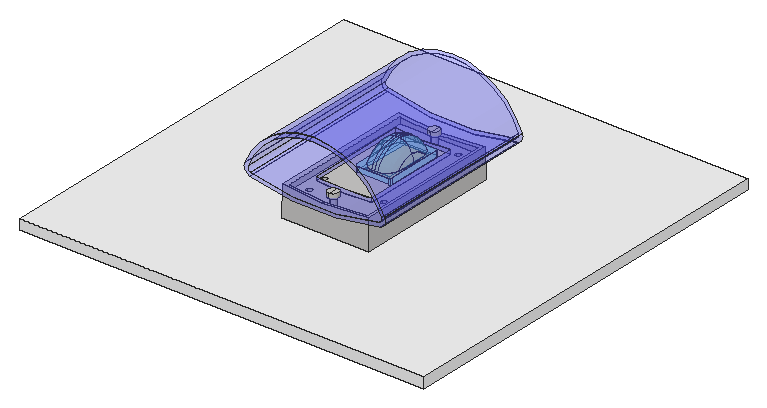
Revit family "BE_50065.2_de_DE", category Leuchten, Revit 2015
Parameters (values of type "BEGA_50065.2_K3")
  built-in parameter 1150104 = 8.3613 (stored number, unit not read)
  Wattage = 12 W
  Default Elevation = 0 mm
  built-in parameter 1150113 = 1 (stored number, unit not read)
  built-in parameter 1114218 = 1 (stored number, unit not read)
  Umgebungstemperatur = "25 °C"
  URL = "http://www.bega.de/produkt/50065.2"
  Typenkommentare = "© 2017 BEGA. Wir behalten uns das Recht vor, technische Änderungen ohne vorherige Ankündigung vorzunehmen."  # constant formula
  built-in parameter 1150134 = (empty or 0)
  built-in parameter 1150109 = 1 (stored number, unit not read)
  Strom = ""
  built-in parameter 1150110 = 1 (stored number, unit not read)
  Spannung = 230 V
  Sonderanfertigung = no
  Seriennummer [instance] = "Hier können Sie die eindeutige Seriennummer für das Facility Management eintragen."
  Schutzklasse = "I"
  Schutzart = "IP 20"
  Scheinlast = 0 VA
  Produktdatenblatt = "http://www.bega.de/download/Xrfa/db/50065.2.db.de.pdf"
  Oberflächentemperatur = ""
  Neigungswinkel = 0.00°
  Modell = "50065.2"
  Material_17 = BEGA_Reflektor
  Material_15 = BEGA_Leuchtmedium_matt
  Material_12 = BEGA_Kunststoff_klar
  Material_11 = BEGA_Glas_opal
  Material_09 = BEGA_Glas_klar
  Material_06 = BEGA_Oberfläche_Edelstahl_gebürstet
  Material_05 = BEGA_Oberfläche_Aluminium Guss
  Material_03 = BEGA_Oberfläche_Weiss_matt
  Material_02 = BEGA_Oberfläche_Silber_matt
  Material_01 [instance] = BEGA_Oberfläche_Grafit_matt
  M_W = no
  M_G = no
  M_A = no
  Logo = 0
  built-in parameter 1114217 = 1 (stored number, unit not read)
  built-in parameter 1150139 = (empty or 0)
  built-in parameter 1150105 = 85.944 (stored number, unit not read)
  built-in parameter 1150114 = 1 (stored number, unit not read)
  Lumens = 1080 lm
  built-in parameter 1150115 = 1 (stored number, unit not read)
  Leuchtenlichtstrom = "876 lm"
  Leuchtenanzahl = ""
  Lebensdauerkriterien = "L70B50 @ 25 °C =  h"
  Lastklassifizierung = Beleuchtung
  built-in parameter 1150112 = 1 (stored number, unit not read)
  Lampenlichtstrom = "1080 lm"
  Lampe = "LED 12 W"
  LED_Modulbezeichnung = "LED-0607/830 "
  Hersteller = "BEGA"  # constant formula
  Halbstreuwinkel = ""
  Gewicht = "0.8 kg"
  Gebrauchslageneinschränkung [instance] = ""
  Frequenz = "50/60 Hz"
  Farbwiedergabeindex = "Ra > 80"
  Farbtemperaturverschiebung bei Dämpfen der Lampe = <Keine Auswahl>
  Farbtemperatur = "3000 K"
  Color Filter = 16777215
  built-in parameter 1150133 = 10 (stored number, unit not read)
  Energieeffizienzklasse = "LED A++ - A"
  built-in parameter 1150137 = (empty or 0)
  built-in parameter 1150132 = (empty or 0)
  ENEC = ""
  Dimmbar [instance] = ""
  Datei für fotometrisches Netz = "BE_50065.IES"
  CE_Konformität = "ja"
  Bestellnummer = "50065.2"
  Beschreibung_Sonderanfertigung = "Hier können Sie Informationen zur Sonderanfertigung eintragen."
  Beschreibung = "Wandleuchte"
  built-in parameter 1150106 = 0.85944 (stored number, unit not read)
  Befestigungsbohrung = "Ø 5 mm"
  Befestigungsabstand = "115 x 55 mm"
  Ballwurfsicher = ""
  BEGA_Intern_aus = yes
  BEGA_Intern_an = yes
  BEGA_Intern_Konstruktion = yes
  BEGA_Intern = yes
  BEGA_IES = yes
  BEGA_Dummy = no
  Anschlussleitung = ""
  Anschlussleistung [instance] = "12 W"
  Anschlusskasten = ""
  built-in parameter 1150107 = 3000 (stored number, unit not read)
  built-in parameter 1150102 = (empty or 0)
  built-in parameter 1150138 = (empty or 0)
  Aktualisierung = "2017-09-29T04:10:01"
  Abstand_zur_angestrahlten_Fläche [instance] = ""
  AC/DC = "AC"
Reference planes
  plane 1 "Mitte (Vorne/Hinten)": y = 0
  plane 2: z = 0
  plane 3 "Mitte (Links/Rechts)": x = 0
  plane 4 "Links": x = -70.001
  plane 5 "Rechts": x = 70.001
  plane 6 "Unten": y = -85
  plane 7 "Oben": y = 85
  plane 8 "Vorne": z = 91.192
  plane 9 "Hinten": z = 0
Forms (mm)
  Extrusion 1, solid, material "BEGA_Platte_Weiss"
    sketch origin (0, -1119.2, 0) x (1, 0, 0) y (0, 1, 0)
      loop
        line (-200, 1319.2) -> (-200, 919.2) -> (200, 919.2) -> (200, 1319.2) -> (-200, 1319.2)
    from 0 to -10
  Extrusion 2, solid, material "BEGA_Dummy_matt", visible <- "BEGA_Dummy"
    sketch origin (80.095, -76.023, 0) x (1, 0, 0) y (0, 1, 0)
      loop
        line (-150.096, 161.023) -> (-150.096, -8.977) -> (-10.095, -8.977) -> (-10.095, 161.023) -> (-150.096, 161.023)
    from 0 to 91.192
Dimensions and locks
  plane 1 "Mitte (Vorne/Hinten)" to Extrusion 1 = 200 mm
  aligned and locked: plane 2 to Extrusion 1
  aligned and locked: level to Extrusion 1
Nested families
  nested 1: "BE_50065.2" at (0, 0, 0), type "BE_50065.2"
Connectors
  electrical at (0, 0, 0), driven by "Lastklassifizierung", driven by "Spannung", driven by "Scheinlast"
    settings: index 1, voltage 230 V, apparent load 0 VA, apparent load phase1 0 VA, apparent load phase2 0 VA, apparent load phase3 0 VA, power factor 1, load classification "Beleuchtung", number of poles 1, system type 31, power factor state 1, is connector primary yes, connector utility no, sub classification motor no, connector description ""
Definition of nested family "BE_50065.2"
  Parameters (values of type "BE_50065.2")
    Default Elevation = 1 mm
    URL = "http://www.bega.de/de/produkt"
    Type Comments = "© 2015 BEGA. Wir behalten uns das Recht vor, technische Änderungen ohne vorherige Ankündigung vorzunehmen. "  # constant formula
    Type Image = (empty or 0)
    Neigungswinkel_um_Z2 = 0.00°
    Neigungswinkel_um_Z1 = 0.00°
    Neigungswinkel_um_Y2 = 0.00°
    Neigungswinkel_um_Y1 = 0.00°
    Neigungswinkel_um_X2 = 0.00°
    Neigungswinkel_um_X1 = 0.00°
    Material_17 = none
    Material_15 = none
    Material_12 = none
    Material_11 = none
    Material_09 = none
    Material_06 = none
    Material_05 = none
    Material_03 = none
    Material_02 = none
    Material_01 = none
    M_W = yes
    M_G = yes
    M_A = yes
    Länge_Platte = 200 mm  # constant formula
    Höhe_Platte = -10 mm  # constant formula
    Manufacturer = "BEGA"  # constant formula
    Drehwinkel_um_Z2 = 0.00°
    Drehwinkel_um_Z1 = 0.00°
    Breite_Platte = 300 mm  # constant formula
  Reference planes
    plane 1 "Mitte (Oben/Unten)": y = 0
    plane 2: z = 0
    plane 3 "Mitte (Links/Rechts)": x = 0
    plane 4: x = -70.001
    plane 5: z = 91.192
    plane 6: x = 70.001
    plane 7: y = -85
    plane 8: y = 85
  Forms (mm)
    Extrusion 1, solid, detail levels medium
      sketch origin (0, 0, 0) x (1, 0, 0) y (0, 1, 0)
        loop
          line (-100, 150) -> (-100, -150) -> (100, -150) -> (100, 150) -> (-100, 150)
      from 0 to -10 <- "Höhe_Platte"
    Sweep 2, solid, material <- "Material_06", detail levels medium+fine
      path origin (0, 0, 0) x (1, 0, 0) y (0, 1, 0)
        loop
          line (-43, 72.5) -> (-43, -72.5) -> (43, -72.5) -> (43, 72.5) -> (-43, 72.5)
      profile origin (-43, 0, 0) x (1, 0, 0) y (0, 0, 1)
        loop
          line (0, 0) -> (3, 0) -> (3.49, 14.036)
          arc (3.49, 14.036) -> (3.795, 14.72) -> (4.49, 15) r 1
          line (4.49, 15) -> (41.372, 15) -> (41.372, 23) -> (4.066, 23) -> (3.834, 29.636) -> (0.517, 29.636) -> (0, 0)
    Extrusion 3, void
      sketch origin (0, 0, 0) x (1, 0, 0) y (0, 1, 0)
        loop
          circle (27.5, 57.5) r 2.605
        loop
          circle (-27.5, -57.5) r 2.605
        loop
          circle (29.5, -36.5) r 2.518
        loop
          circle (-29.5, -36.5) r 2.518
      from -0.512 to 23.779
    Extrusion 4, solid, material <- "Material_06", detail levels medium+fine
      sketch origin (0, 0, 0) x (1, 0, 0) y (0, 0, 1)
        loop
          line (-2.307, 23) -> (-2.307, 15) -> (3.665, 15) -> (3.665, 23) -> (-2.307, 23)
      from -31.128 to 31.128
    Revolve 5, solid, material <- "Material_06", detail levels medium+fine
      sketch origin (0, -57.5, 0) x (1, 0, 0) y (0, 0, 1)
        loop
          line (-35.973, 14.036) -> (-35.567, 2.43)
          arc (-35.567, 2.43) -> (-34.958, 1.061) -> (-33.569, 0.5) r 2
          line (-33.569, 0.5) -> (-27.5, 0.5) -> (-27.5, 15) -> (-36.972, 15)
          arc (-36.972, 15) -> (-36.278, 14.72) -> (-35.973, 14.036) r 1
        axis (-27.5, 15) -> (-27.5, 0.5)
      angle from 0 to 360
    Revolve 6, solid, material <- "Material_06", detail levels medium+fine
      sketch origin (55, 57.5, 0) x (1, 0, 0) y (0, 0, 1)
        loop
          line (-35.973, 14.036) -> (-35.567, 2.43)
          arc (-35.567, 2.43) -> (-34.958, 1.061) -> (-33.569, 0.5) r 2
          line (-33.569, 0.5) -> (-27.5, 0.5) -> (-27.5, 15) -> (-36.972, 15)
          arc (-36.972, 15) -> (-36.278, 14.72) -> (-35.973, 14.036) r 1
        axis (-27.5, 15) -> (-27.5, 0.5)
      angle from 0 to 360
    Extrusion 7, void
      sketch origin (0, 0, 0) x (1, 0, 0) y (0, 0, 1)
        loop
          arc (-4.714, 26.037) -> (30.154, 27.818) -> (64.433, 34.438) r 250
          line (64.433, 34.438) -> (-64.433, 34.438)
          arc (-64.433, 34.438) -> (-34.828, 28.43) -> (-4.714, 26.037) r 250
      from -73.108 to 73.987
    Revolve 8, solid, material <- "Material_12", detail levels medium+fine
      sketch origin (0, 16.717, 0) x (1, 0, 0) y (0, 0, 1)
        loop
          arc (-2.803, 47.359) -> (-10.163, 43.923) -> (-14.774, 37.236) r 15.5
          arc (-14.774, 37.236) -> (-15.878, 32.98) -> (-16.25, 28.6) r 26.067
          line (-16.25, 28.6) -> (16.25, 28.6)
          arc (16.25, 28.6) -> (15.878, 32.98) -> (14.774, 37.236) r 26.067
          arc (14.774, 37.236) -> (10.163, 43.923) -> (2.803, 47.359) r 15.5
          arc (2.803, 47.359) -> (1.407, 47.54) -> (0, 47.6) r 16.458
          arc (0, 47.6) -> (-1.406, 47.54) -> (-2.803, 47.359) r 16.458
        axis (-16.25, 16.6) -> (16.25, 16.6)
      angle from 0 to 360
    Extrusion 9, void
      sketch origin (0, 0, 0) x (1, 0, 0) y (0, 0, 1)
        loop
          line (-16.793, 29.077) -> (-16.793, -16.4) -> (17.03, -16.4) -> (17.03, 29.077) -> (-16.793, 29.077)
      from -48.985 to 15.965
    Extrusion 10, solid, material <- "Material_12", detail levels medium+fine
      sketch origin (0, 0, 0) x (1, 0, 0) y (0, 1, 0)
        loop
          arc (-15.275, 46.214) -> (-16.213, 46.031) -> (-17.013, 45.508) r 2.489
          arc (-17.013, 45.508) -> (-17.532, 44.71) -> (-17.714, 43.775) r 2.489
          line (-17.714, 43.775) -> (-17.714, -10.775)
          arc (-17.714, -10.775) -> (-17.532, -11.71) -> (-17.012, -12.508) r 2.489
          arc (-17.012, -12.508) -> (-16.213, -13.03) -> (-15.275, -13.214) r 2.489
          line (-15.275, -13.214) -> (15.273, -13.214)
          arc (15.273, -13.214) -> (16.212, -13.031) -> (17.012, -12.508) r 2.489
          arc (17.012, -12.508) -> (17.532, -11.71) -> (17.714, -10.775) r 2.489
          line (17.714, -10.775) -> (17.714, 43.775)
          arc (17.714, 43.775) -> (17.532, 44.71) -> (17.013, 45.507) r 2.489
          arc (17.013, 45.507) -> (16.213, 46.03) -> (15.275, 46.214) r 2.489
          line (15.275, 46.214) -> (-15.275, 46.214)
      from 23 to 29.077
    Extrusion 11, solid, material <- "Material_11", detail levels medium+fine
      sketch origin (0, 0, 0) x (1, 0, 0) y (0, 0, 1)
        loop
          arc (-69.445, 44.516) -> (-69.18, 38.273) -> (-64.279, 34.397) r 7.5
          arc (-64.279, 34.397) -> (0.08, 25.993) -> (64.433, 34.438) r 250
          arc (64.433, 34.438) -> (69.216, 38.346) -> (69.445, 44.519) r 7.5
          arc (69.445, 44.519) -> (-0.001, 91.192) -> (-69.445, 44.516) r 75
        loop
          arc (-65.741, 43.006) -> (-65.614, 40.086) -> (-63.316, 38.28) r 3.5
          arc (-63.316, 38.28) -> (0.045, 29.993) -> (63.402, 38.303) r 246
          arc (63.402, 38.303) -> (65.634, 40.127) -> (65.741, 43.008) r 3.5
          arc (65.741, 43.008) -> (-0.001, 87.191) -> (-65.741, 43.006) r 71
      from -85 to 85
    Extrusion 12, solid, material <- "Material_15", detail levels medium+fine
      sketch origin (0, 0, 0) x (1, 0, 0) y (0, 1, 0)
        loop
          line (-11.5, 40.3) -> (-11.5, -7.3) -> (11.5, -7.3) -> (11.5, 40.3) -> (-11.5, 40.3)
      from 25.258 to 26.343
    Extrusion 13, void
      sketch origin (0, 0, 0) x (1, 0, 0) y (0, 1, 0)
        loop
          line (27.157, 48.657) -> (-27.157, 48.657) -> (-27.157, -48.657) -> (27.157, -48.657) -> (27.157, 48.657)
      from 24.301 to 35.745
    Revolve 14, solid, material <- "Material_06", detail levels fine
      sketch origin (0, 0, 0) x (0, 1, 0) y (0, 0, 1)
        loop
          line (-62.5, 34) -> (-62.5, 18) -> (-59.5, 18) -> (-59.5, 30.07) -> (-57.515, 30.07) -> (-57.515, 34) -> (-62.5, 34)
        axis (-62.5, 34) -> (-62.5, 18)
      angle from 0 to 360
    Revolve 15, solid, material <- "Material_06", detail levels fine
      sketch origin (0, 0, 0) x (0, -1, 0) y (0, 0, 1)
        loop
          line (-62.5, 34) -> (-62.5, 18) -> (-59.5, 18) -> (-59.5, 30.07) -> (-57.515, 30.07) -> (-57.515, 34) -> (-62.5, 34)
        axis (-62.5, 34) -> (-62.5, 18)
      angle from 0 to 360
  Cuts and joins
    Extrusion 3, Extrusion 7, Extrusion 13 cuts Sweep 2
    Extrusion 7, Extrusion 13 cuts Extrusion 4
    Extrusion 3, Extrusion 7, Extrusion 13 cuts Revolve 5
    Extrusion 3, Extrusion 13 cuts Revolve 6
    joined: Sweep 2, Extrusion 4, Revolve 5, Revolve 6
    Extrusion 9 cuts Revolve 8
    joined: Revolve 8, Extrusion 10
    Extrusion 13 cuts Extrusion 11
  Dimensions and locks
    equal spacing: Extrusion 1 sketch curve, plane 3 "Mitte (Links/Rechts)", Extrusion 1 sketch curve
    equal spacing: Extrusion 1 sketch curve, plane 1 "Mitte (Oben/Unten)", Extrusion 1 sketch curve
    "Länge_Platte": Extrusion 1 sketch curve to Extrusion 1 sketch curve
    "Breite_Platte": Extrusion 1 sketch curve to Extrusion 1 sketch curve
    aligned and locked: Extrusion 1 to plane 2
    aligned and locked: level to Extrusion 1
  Automatic sketch dimensions
    Sweep 2 sketch curve to plane 3 "Mitte (Links/Rechts)" = 43 mm
    plane 3 "Mitte (Links/Rechts)" to Sweep 2 sketch curve = 43 mm
    Sweep 2 sketch curve to level = 0 mm
    profile plane to Sweep 2 sketch curve = 0 mm
    Sweep 2 sketch curve to profile plane = 0.517 mm
    Sweep 2 sketch curve to profile plane = 3 mm
    Sweep 2 sketch curve to profile plane = 3.49 mm
    Sweep 2 sketch curve to Sweep 2 sketch curve = 3.317 mm
    Sweep 2 sketch curve to profile plane = 4.066 mm
    Sweep 2 sketch curve to Sweep 2 sketch curve = 0.999 mm
    level to Sweep 2 sketch curve = 15 mm
    Sweep 2 sketch curve to Sweep 2 sketch curve = 36.883 mm
    Sweep 2 sketch curve to Sweep 2 sketch curve = 1 mm
    Sweep 2 sketch curve to Sweep 2 sketch curve = 8 mm
    Sweep 2 sketch curve to Sweep 2 sketch curve = 6.636 mm
    Extrusion 3 sketch curve to plane 3 "Mitte (Links/Rechts)" = 29.5 mm
    Extrusion 3 sketch curve to Extrusion 3 sketch curve = 2 mm
    plane 3 "Mitte (Links/Rechts)" to Extrusion 3 sketch curve = 27.5 mm
    plane 3 "Mitte (Links/Rechts)" to Extrusion 3 sketch curve = 29.5 mm
    plane 1 "Mitte (Oben/Unten)" to Extrusion 3 sketch curve = 57.5 mm
    plane 1 "Mitte (Oben/Unten)" to Extrusion 3 sketch curve = 36.5 mm
    Extrusion 3 sketch curve to Extrusion 3 sketch curve = 21 mm
    Extrusion 3 sketch curve to plane 1 "Mitte (Oben/Unten)" = 57.5 mm
    Extrusion 4 sketch curve to plane 3 "Mitte (Links/Rechts)" = 2.307 mm
    plane 3 "Mitte (Links/Rechts)" to Extrusion 4 sketch curve = 3.665 mm
    level to Extrusion 4 sketch curve = 15 mm
    Extrusion 4 sketch curve to Extrusion 4 sketch curve = 8 mm
    level to Revolve 5 sketch curve = 14 mm
    Revolve 5 sketch curve to plane 3 "Mitte (Links/Rechts)" = 36.972 mm
    level to Revolve 5 sketch curve = 14.036 mm
    Revolve 5 sketch curve to Revolve 5 sketch curve = 0.999 mm
    level to Revolve 5 sketch curve = 0.5 mm
    Revolve 5 sketch curve to Revolve 5 sketch curve = 2.404 mm
    Revolve 5 sketch curve to Revolve 5 sketch curve = 6.069 mm
    Revolve 5 sketch curve to Revolve 5 sketch curve = 2 mm  (x2)
    Revolve 5 sketch curve to Revolve 5 sketch curve = 0.964 mm
    Revolve 5 sketch curve to Revolve 5 sketch curve = 0 mm  (x3)
    level to Revolve 5 sketch curve = 2.43 mm
    Revolve 5 sketch curve to Revolve 5 sketch curve = 1.999 mm
    Revolve 5 sketch curve to level = 1.5 mm
    plane 3 "Mitte (Links/Rechts)" to Revolve 6 sketch curve = 18.028 mm
    Revolve 6 sketch curve to Revolve 6 sketch curve = 0.999 mm
    level to Revolve 6 sketch curve = 0.5 mm
    Revolve 6 sketch curve to Revolve 6 sketch curve = 2.404 mm
    Revolve 6 sketch curve to Revolve 6 sketch curve = 6.069 mm
    Revolve 6 sketch curve to Revolve 6 sketch curve = 2 mm  (x2)
    Revolve 6 sketch curve to Revolve 6 sketch curve = 11.5 mm
    Revolve 6 sketch curve to Revolve 6 sketch curve = 0.036 mm
    Revolve 6 sketch curve to Revolve 6 sketch curve = 0.964 mm
    Revolve 6 sketch curve to Revolve 6 sketch curve = 0 mm  (x3)
    level to Revolve 6 sketch curve = 2.43 mm
    Revolve 6 sketch curve to Revolve 6 sketch curve = 1.999 mm
    Revolve 6 sketch curve to level = 1.5 mm
    Extrusion 7 sketch curve to Extrusion 7 sketch curve = 0 mm  (x3)
    Extrusion 7 sketch curve to plane 3 "Mitte (Links/Rechts)" = 0 mm
    level to Extrusion 7 sketch curve = 34.438 mm
    Extrusion 7 sketch curve to plane 3 "Mitte (Links/Rechts)" = 4.714 mm
    Revolve 8 sketch curve to plane 3 "Mitte (Links/Rechts)" = 0 mm  (x2)
    Revolve 8 sketch curve to plane 3 "Mitte (Links/Rechts)" = 0.001 mm
    Revolve 8 sketch curve to plane 3 "Mitte (Links/Rechts)" = 0.154 mm
    Revolve 8 sketch curve to plane 3 "Mitte (Links/Rechts)" = 9.816 mm
    Revolve 8 sketch curve to Revolve 8 sketch curve = 6.434 mm  (x2)
    plane 3 "Mitte (Links/Rechts)" to Revolve 8 sketch curve = 0.001 mm
    plane 3 "Mitte (Links/Rechts)" to Revolve 8 sketch curve = 0.154 mm
    plane 3 "Mitte (Links/Rechts)" to Revolve 8 sketch curve = 9.816 mm
    level to Revolve 8 sketch curve = 28.588 mm
    Revolve 8 sketch curve to Revolve 8 sketch curve = 0 mm  (x6)
    Revolve 8 sketch curve to Revolve 8 sketch curve = 0.012 mm
    Revolve 8 sketch curve to Revolve 8 sketch curve = 2.554 mm
    Revolve 8 sketch curve to Revolve 8 sketch curve = 0.945 mm
    Revolve 8 sketch curve to plane 3 "Mitte (Links/Rechts)" = 2.803 mm
    Revolve 8 sketch curve to Revolve 8 sketch curve = 1.476 mm  (x2)
    plane 3 "Mitte (Links/Rechts)" to Revolve 8 sketch curve = 2.803 mm
    plane 3 "Mitte (Links/Rechts)" to Revolve 8 sketch curve = 5 mm
    Revolve 8 sketch curve to Revolve 8 sketch curve = 11.988 mm
    Extrusion 9 sketch curve to plane 3 "Mitte (Links/Rechts)" = 16.793 mm
    plane 3 "Mitte (Links/Rechts)" to Extrusion 9 sketch curve = 17.03 mm
    Extrusion 9 sketch curve to level = 16.4 mm
    level to Extrusion 9 sketch curve = 29.077 mm
    Extrusion 10 sketch curve to plane 3 "Mitte (Links/Rechts)" = 15.276 mm  (x2)
    Extrusion 10 sketch curve to Extrusion 10 sketch curve = 0.051 mm  (x11)
    plane 3 "Mitte (Links/Rechts)" to Extrusion 10 sketch curve = 15.225 mm  (x2)
    Extrusion 10 sketch curve to Extrusion 10 sketch curve = 0.049 mm
    plane 1 "Mitte (Oben/Unten)" to Extrusion 10 sketch curve = 13.214 mm
    Extrusion 10 sketch curve to Extrusion 10 sketch curve = 2.438 mm  (x2)
    Extrusion 10 sketch curve to plane 1 "Mitte (Oben/Unten)" = 43.725 mm
    Extrusion 10 sketch curve to Extrusion 10 sketch curve = 0 mm  (x12)
    Extrusion 10 sketch curve to Extrusion 10 sketch curve = 1.737 mm  (x5)
    Extrusion 10 sketch curve to Extrusion 10 sketch curve = 0.702 mm  (x2)
    Extrusion 10 sketch curve to Extrusion 10 sketch curve = 0.701 mm  (x2)
    Extrusion 10 sketch curve to Extrusion 10 sketch curve = 1.739 mm
    Extrusion 11 sketch curve to Extrusion 11 sketch curve = 0 mm  (x17)
    Extrusion 11 sketch curve to plane 3 "Mitte (Links/Rechts)" = 0 mm
    plane 3 "Mitte (Links/Rechts)" to Extrusion 11 sketch curve = 0 mm
    level to Extrusion 11 sketch curve = 16.191 mm
    level to Extrusion 11 sketch curve = 41.684 mm
    Extrusion 11 sketch curve to Extrusion 11 sketch curve = 0.815 mm
    Extrusion 11 sketch curve to Extrusion 11 sketch curve = 0.963 mm
    Extrusion 11 sketch curve to Extrusion 11 sketch curve = 3.241 mm  (x2)
    Extrusion 11 sketch curve to Extrusion 11 sketch curve = 3.704 mm
    Extrusion 11 sketch curve to Extrusion 11 sketch curve = 0.902 mm
    Extrusion 11 sketch curve to Extrusion 11 sketch curve = 1.031 mm
    Extrusion 11 sketch curve to Extrusion 11 sketch curve = 3.703 mm
    Extrusion 11 sketch curve to Extrusion 11 sketch curve = 0.001 mm
    Extrusion 12 sketch curve to plane 3 "Mitte (Links/Rechts)" = 11.5 mm
    plane 3 "Mitte (Links/Rechts)" to Extrusion 12 sketch curve = 11.5 mm
    plane 1 "Mitte (Oben/Unten)" to Extrusion 12 sketch curve = 7.3 mm
    Extrusion 12 sketch curve to plane 1 "Mitte (Oben/Unten)" = 40.3 mm
    Extrusion 13 sketch curve to plane 3 "Mitte (Links/Rechts)" = 27.157 mm
    plane 3 "Mitte (Links/Rechts)" to Extrusion 13 sketch curve = 27.157 mm
    plane 1 "Mitte (Oben/Unten)" to Extrusion 13 sketch curve = 48.657 mm
    Extrusion 13 sketch curve to plane 1 "Mitte (Oben/Unten)" = 48.657 mm
    Revolve 14 sketch curve to Revolve 14 sketch curve = 3 mm
    Revolve 14 sketch curve to Revolve 14 sketch curve = 1.985 mm
    level to Revolve 14 sketch curve = 18 mm
    Revolve 14 sketch curve to Revolve 14 sketch curve = 12.07 mm
    Revolve 14 sketch curve to Revolve 14 sketch curve = 3.93 mm
    Revolve 14 sketch curve to Revolve 14 sketch curve = 0 mm  (x2)
    Revolve 14 sketch curve to Revolve 14 sketch curve = 0.722 mm
    Revolve 15 sketch curve to Revolve 15 sketch curve = 3 mm
    Revolve 15 sketch curve to Revolve 15 sketch curve = 1.985 mm
    Revolve 15 sketch curve to level = 18 mm
    Revolve 15 sketch curve to Revolve 15 sketch curve = 12.07 mm
    Revolve 15 sketch curve to Revolve 15 sketch curve = 3.93 mm
    Revolve 15 sketch curve to Revolve 15 sketch curve = 0 mm  (x2)
    Revolve 15 sketch curve to Revolve 15 sketch curve = 0.722 mm
    Extrusion 7 sketch curve to Extrusion 7 sketch curve = 59.719 mm
    Extrusion 11 sketch curve to plane 3 "Mitte (Links/Rechts)" = 62.5 mm
    plane 3 "Mitte (Links/Rechts)" to Extrusion 11 sketch curve = 62.5 mm
    Extrusion 7 sketch curve to Extrusion 7 sketch curve = 241.554 mm
    Extrusion 11 sketch curve to Extrusion 11 sketch curve = 1.323 mm
    Extrusion 11 sketch curve to Extrusion 11 sketch curve = 231.473 mm
    plane 1 "Mitte (Oben/Unten)" to Sweep 2 sketch curve = 72.5 mm
    plane 1 "Mitte (Oben/Unten)" to Revolve 14 sketch curve = 62.5 mm
    plane 8 to Sweep 2 sketch curve = 12.5 mm
    Revolve 15 sketch curve to plane 8 = 22.5 mm
    radius of Extrusion 3 sketch curve = 2.605 mm  (x2)
    radius of Extrusion 3 sketch curve = 2.518 mm  (x2)
